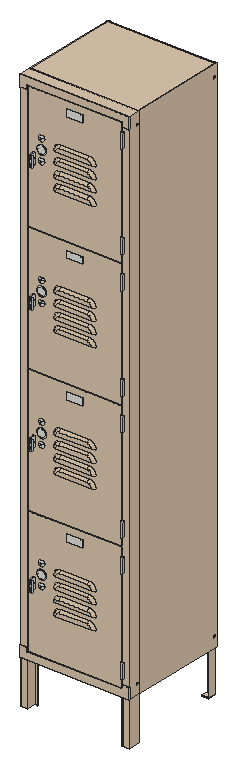
Revit family "Metal_Lockers-Salsbury_Industries-54000_Series-1_Wide_Units", category Specialty Equipment, Revit 2016 (continued)
Definition of nested family "Metal Locker Front Filler"
  Types (9): name | Width | Visible | Model | Height | Description | Depth
    77859 - for 5' H Lockers (Zee Base or No Legs) | 9.000" | yes | "77859" | 60.000" | "9\" W Vertical Front Filler for 5' H Lockers" | 1.000"
    77855 - for 5' H Lockers (Zee Base or No Legs) | 15.000" | yes | "77855" | 60.000" | "15\" W Vertical Front Filler for 5' H Lockers" | 1.000"
  Reference planes (in)
    plane 1 "Center (Front/Back)": y = -2.167
    plane 2: z = 0
    plane 3 "Center (Left/Right)": x = -4.595
    plane 4 "Bottom of Filler": z = 0
    plane 5 "Top of Panel": z = 72
    plane 6 "Front of Filler": y = -2.917
    plane 7 "Right Side of Filler": x = -0.095
    plane 8 "Left Side of Filler": x = -9.095
    plane 9 "Back of Filler": y = -1.417
    plane 10: z = 36
  Forms (in)
    Extrusion 1, solid, material <- "Primary Structure Material", visible <- "Visible"
      sketch origin (0, 0, 0) x (0, -1, 0) y (1, 0, 0)
        loop
          line (1.417, -9.095) -> (2.917, -9.095) -> (2.917, -1.095) -> (2.869, -1.095) -> (2.869, -9.047) -> (1.417, -9.047) -> (1.417, -9.095)
      from 0 to 72
    Extrusion 2, solid, material <- "Primary Structure Material", visible <- "Visible"
      sketch origin (0, -0.20425, 0) x (0, -1, 0) y (1, 0, 0)
        loop
          line (1.30875, -0.095) -> (1.30875, -0.143) -> (2.76075, -0.143) -> (2.76075, -1.595) -> (2.80875, -1.595) -> (2.80875, -0.095) -> (1.30875, -0.095)
      from 0 to 72
    Extrusion 3, solid, material <- "Primary Structure Material", visible <- "Visible"
      sketch origin (0, 0.10825, 0) x (0, -1, 0) y (1, 0, 0)
        loop
          line (3.07325, -1.595) -> (3.07325, -0.82524) -> (3.02525, -0.82524) -> (3.02525, -1.376) -> (3.02525, -1.449) -> (3.02525, -1.522) -> (3.02525, -1.595) -> (3.07325, -1.595)
      from 0 to 72
    Extrusion 4, solid, material <- "Primary Structure Material", visible <- "Visible"
      sketch origin (0, 0, 0) x (0, -1, 0) y (1, 0, 0)
        loop
          line (2.917, -0.82524) -> (2.821, -0.82524) -> (2.821, -1.80024) -> (2.869, -1.80024) -> (2.869, -0.87324) -> (2.917, -0.87324) -> (2.917, -0.82524)
      from 0 to 72
  Dimensions and locks (in)
    equal spacing: plane 6 "Front of Filler", plane 1 "Center (Front/Back)", plane 9 "Back of Filler"
    "Depth": plane 6 "Front of Filler" to plane 9 "Back of Filler"
    equal spacing: plane 8 "Left Side of Filler", plane 3 "Center (Left/Right)", plane 7 "Right Side of Filler"
    "Width": plane 8 "Left Side of Filler" to plane 7 "Right Side of Filler"
    equal spacing: plane 5 "Top of Panel", plane 10, plane 2
    "Height": plane 5 "Top of Panel" to plane 2
    aligned and locked: level to plane 2
    aligned and locked: Extrusion 1 to plane 5 "Top of Panel"
    aligned and locked: Extrusion 2 to plane 5 "Top of Panel"
    aligned and locked: Extrusion 3 to plane 5 "Top of Panel"
    aligned and locked: Extrusion 4 to plane 5 "Top of Panel"
  Automatic sketch dimensions
    plane 9 "Back of Filler" to Extrusion 1 sketch curve = 0.000"
    plane 6 "Front of Filler" to Extrusion 1 sketch curve = 0.000"
    Extrusion 1 sketch curve to plane 8 "Left Side of Filler" = 0.000"
    Extrusion 1 sketch curve to plane 6 "Front of Filler" = 0.048"
    Extrusion 1 sketch curve to Extrusion 1 sketch curve = 0.048"
    plane 7 "Right Side of Filler" to Extrusion 1 sketch curve = 1.000"
    Extrusion 2 sketch curve to plane 7 "Right Side of Filler" = 0.000"
    plane 7 "Right Side of Filler" to Extrusion 2 sketch curve = 0.048"
    plane 9 "Back of Filler" to Extrusion 2 sketch curve = 0.096"
    plane 6 "Front of Filler" to Extrusion 2 sketch curve = 0.048"
    Extrusion 2 sketch curve to Extrusion 2 sketch curve = 0.048"
    Extrusion 2 sketch curve to Extrusion 2 sketch curve = 1.452"
    plane 6 "Front of Filler" to Extrusion 3 sketch curve = 0.000"
    plane 7 "Right Side of Filler" to Extrusion 3 sketch curve = 1.500"
    Extrusion 3 sketch curve to Extrusion 3 sketch curve = 0.073"  (x3)
    Extrusion 3 sketch curve to Extrusion 3 sketch curve = 0.55076"
    Extrusion 3 sketch curve to Extrusion 3 sketch curve = 0.048"
    plane 6 "Front of Filler" to Extrusion 4 sketch curve = 0.000"
    Extrusion 4 sketch curve to plane 6 "Front of Filler" = 0.048"
    Extrusion 4 sketch curve to Extrusion 4 sketch curve = 0.048"  (x2)
    plane 7 "Right Side of Filler" to Extrusion 4 sketch curve = 1.70524"
    plane 7 "Right Side of Filler" to Extrusion 4 sketch curve = 0.77824"
Definition of nested family "Metal Locker Flat Top Filler"
  Parameters (values of type "77842 - for 12" Deep Lockers (15" W)")
    Width = 16.250"
    Visible = yes
    Version = "1.0 (11/30/15)"
    Type Comments = "Flat Top Filler for Standard Metal Lockers"
    Primary Structure Material = none
    Model = "77842"
    MasterFormat Title = ""
    MasterFormat Number = ""
    Manufacturer = "Salsbury Industries"
    Height = 1.003"
    Description = "15\"W Flat Top In-Line Filler"
    Depth = 12.118"
    Assembly Code = ""
  Types (7): name | Width | Visible | Model | Depth
    77842 - for 12" Deep Lockers (15" W) | 16.250" | yes | "77842" | 12.118"
    77842 - for 12" Deep Lockers (9" W) | 10.250" | yes | "77842" | 12.118"
    77845 - for 15" Deep Lockers (15" W) | 16.250" | yes | "77845" | 15.118"
    77845 - for 15" Deep Lockers (9" W) | 10.250" | yes | "77845" | 15.118"
    77848 - for 18" Deep Lockers (15" W) | 16.250" | yes | "77848" | 18.118"
    77848 - for 18" Deep Lockers (9" W) | 10.250" | yes | "77848" | 18.118"
    None | 16.250" | no | "" | 12.118"
  Reference planes (in)
    plane 1 "Center (Front/Back)": y = -2.167
    plane 2: z = 0
    plane 3 "Center (Left/Right)": x = -4.595
    plane 4 "Bottom of Panel": z = 0
    plane 5 "Top of Panel": z = 1.003
    plane 6 "Front of Panel": y = -8.226
    plane 7 "Right Side of Enclosure": x = 3.53
    plane 8 "Left Side of Enclosure": x = -12.72
    plane 9 "Back of Panel": y = 3.892
    plane 10: z = 0.5015
  Forms (in)
    Extrusion 1, solid, material <- "Primary Structure Material", visible <- "Visible"
      sketch origin (-4.595, 0, 0) x (0, 1, 0) y (0, 0, 1)
        loop
          line (-8.226, 0) -> (-8.178, 0) -> (-8.178, 0.955) -> (3.892, 0.955) -> (3.892, 1.003) -> (-8.226, 1.003) -> (-8.226, 0)
      from -8.125 to 8.125
  Dimensions and locks (in)
    equal spacing: plane 6 "Front of Panel", plane 1 "Center (Front/Back)", plane 9 "Back of Panel"
    "Depth": plane 6 "Front of Panel" to plane 9 "Back of Panel"
    equal spacing: plane 8 "Left Side of Enclosure", plane 3 "Center (Left/Right)", plane 7 "Right Side of Enclosure"
    "Width": plane 8 "Left Side of Enclosure" to plane 7 "Right Side of Enclosure"
    equal spacing: plane 5 "Top of Panel", plane 10, plane 2
    "Height": plane 5 "Top of Panel" to plane 2
    aligned and locked: level to plane 2
    aligned and locked: Extrusion 1 to plane 7 "Right Side of Enclosure"
    aligned and locked: plane 8 "Left Side of Enclosure" to Extrusion 1
    aligned and locked: plane 6 "Front of Panel" to Extrusion 1
    aligned and locked: Extrusion 1 to plane 9 "Back of Panel"
  Automatic sketch dimensions
    plane 5 "Top of Panel" to Extrusion 1 sketch curve = 0.000"
    Extrusion 1 sketch curve to plane 6 "Front of Panel" = 0.000"
    Extrusion 1 sketch curve to level = 0.000"
    Extrusion 1 sketch curve to plane 9 "Back of Panel" = 0.000"
    Extrusion 1 sketch curve to plane 6 "Front of Panel" = 0.048"
    plane 5 "Top of Panel" to Extrusion 1 sketch curve = 0.048"
Definition of nested family "Metal Locker Flat Corner Filler"
  Parameters (values of type "77832 - for 12" Deep Lockers")
    Width = 12.625"
    Visible = yes
    Version = "1.0 (11/30/15)"
    Type Comments = "Flat Top Corner Filler for Standard Metal Lockers"
    Primary Structure Material = none
    Model = "77832"
    MasterFormat Title = ""
    MasterFormat Number = ""
    Manufacturer = "Salsbury Industries"
    Height = 0.048"
    Description = "12\"W Flat Top Corner Filler"
    Depth = 12.625"
    Assembly Code = ""
  Types (4): name | Width | Visible | Model | Description | Depth
    77832 - for 12" Deep Lockers | 12.625" | yes | "77832" | "12\"W Flat Top Corner Filler" | 12.625"
    77835 - for 15" Deep Lockers | 15.625" | yes | "77835" | "15\"W Flat Top Corner Filler" | 15.625"
    77838 - for 18" Deep Lockers | 18.625" | yes | "77838" | "18\"W Flat Top Corner Filler" | 18.625"
    None | 12.625" | no | "" | "" | 12.625"
  Reference planes (in)
    plane 1 "Center (Front/Back)": y = -2.167
    plane 2: z = 0
    plane 3 "Center (Left/Right)": x = -4.595
    plane 4 "Bottom of Panel": z = 0
    plane 5 "Top of Panel": z = 0.048
    plane 6 "Front of Panel": y = -8.4795
    plane 7 "Right Side of Enclosure": x = 1.7175
    plane 8 "Left Side of Enclosure": x = -10.9075
    plane 9 "Back of Panel": y = 4.1455
    plane 10: z = 0.024
  Forms (in)
    Extrusion 1, solid, material <- "Primary Structure Material", visible <- "Visible"
      sketch origin (0, 0, 0) x (0, -1, 0) y (1, 0, 0)
        loop
          line (7.8545, -10.9075) -> (7.8545, -10.2825) -> (8.4795, -10.2825) -> (8.4795, 1.7175) -> (-4.1455, 1.7175) -> (-4.1455, -10.9075) -> (7.8545, -10.9075)
      from 0 to 0.048
  Dimensions and locks (in)
    equal spacing: plane 6 "Front of Panel", plane 1 "Center (Front/Back)", plane 9 "Back of Panel"
    "Depth": plane 6 "Front of Panel" to plane 9 "Back of Panel"
    equal spacing: plane 8 "Left Side of Enclosure", plane 3 "Center (Left/Right)", plane 7 "Right Side of Enclosure"
    "Width": plane 8 "Left Side of Enclosure" to plane 7 "Right Side of Enclosure"
    equal spacing: plane 5 "Top of Panel", plane 10, plane 2
    "Height": plane 5 "Top of Panel" to plane 2
    aligned and locked: level to plane 2
    aligned and locked: Extrusion 1 to plane 9 "Back of Panel"
    aligned and locked: plane 6 "Front of Panel" to Extrusion 1
    aligned and locked: Extrusion 1 to plane 7 "Right Side of Enclosure"
    aligned and locked: plane 8 "Left Side of Enclosure" to Extrusion 1
  Automatic sketch dimensions
    Extrusion 1 sketch curve to plane 8 "Left Side of Enclosure" = 0.000"
    plane 9 "Back of Panel" to Extrusion 1 sketch curve = 0.000"
    plane 6 "Front of Panel" to Extrusion 1 sketch curve = 0.000"
    Extrusion 1 sketch curve to plane 7 "Right Side of Enclosure" = 0.000"
    Extrusion 1 sketch curve to plane 8 "Left Side of Enclosure" = 0.625"
    Extrusion 1 sketch curve to plane 6 "Front of Panel" = 0.625"
Definition of nested family "Metal Locker Sloping Hood"
  Parameters (values of type "77765 - for 15" Deep Lockers (1 Wide)")
    Width = 15.040"
    Visible = yes
    Version = "1.0 (11/30/15)"
    Type Comments = "Sloping Hood for Standard Metal Lockers"
    Slope Angle = 29.946°
    Primary Structure Material = none
    Model = "77752"
    MasterFormat Title = ""
    MasterFormat Number = ""
    Manufacturer = "Salsbury Industries"
    Height = 6.625"
    Dividing Lines = no
    Description = "12\" Deep for up to (3) 12\" Wide Lockers"
    Depth = 15.070"
    Assembly Code = ""
  Types (12): name | Width | Visible | Slope Angle | Model | Height | Dividing Lines | Description | Depth
    77752 - for 12" Deep Lockers (1 Wide) | 12.040" | yes | 28.761° | "77752" | 6.625" | no | "12\" Deep for up to (3) 12\" Wide Lockers" | 12.070"
    77752 - for 12" Deep Lockers (3 Wide) | 36.040" | yes | 28.761° | "77752" | 6.625" | yes | "12\" Deep for up to (3) 12\" Wide Lockers" | 12.070"
    77755 - for 15" Deep Lockers (1 Wide) | 12.040" | yes | 29.946° | "77755" | 8.682" | no | "15\" Deep for up to (3) 12\" Wide Lockers" | 15.070"
    77755 - for 15" Deep Lockers (3 Wide) | 36.040" | yes | 29.946° | "77755" | 8.628" | yes | "15\" Deep for up to (3) 12\" Wide Lockers" | 15.070"
    77758 - for 18" Deep Lockers (1 Wide) | 12.040" | yes | 30.723° | "77758" | 10.739" | no | "18\" Deep for up to (3) 12\" Wide Lockers" | 18.070"
    77758 - for 18" Deep Lockers (3 Wide) | 36.040" | yes | 30.723° | "77758" | 10.739" | yes | "18\" Deep for up to (3) 12\" Wide Lockers" | 18.070"
    None | 12.000" | no | 28.761° | "" | 6.625" | no | "" | 12.070"
    77765 - for 15" Deep Lockers (1 Wide) | 15.040" | yes | 29.946° | "77752" | 6.625" | no | "12\" Deep for up to (3) 12\" Wide Lockers" | 15.070"
    77768 - for 18" Deep Lockers (1 Wide) | 15.040" | yes | 30.723° | "77752" | 6.625" | no | "12\" Deep for up to (3) 12\" Wide Lockers" | 18.070"
    77765 - for 15" Deep Lockers (3 Wide) | 45.040" | yes | 29.946° | "77752" | 6.625" | yes | "12\" Deep for up to (3) 12\" Wide Lockers" | 15.070"
    77768 - for 18" Deep Lockers (3 Wide) | 45.040" | yes | 30.723° | "77752" | 6.625" | yes | "12\" Deep for up to (3) 12\" Wide Lockers" | 18.070"
    77759 - for 18" Deep Bridge Lockers | 72.040" | yes | 30.723° | "77752" | 6.625" | no | "12\" Deep for up to (3) 12\" Wide Lockers" | 18.070"
  Reference planes (in)
    plane 1 "Center (Front/Back)": y = -2.167
    plane 2: z = 0
    plane 3 "Center (Left/Right)": x = -4.595
    plane 4 "Bottom of Panel": z = 0
    plane 5 "Top of Panel": z = 6.625
    plane 6 "Front of Panel": y = -9.702
    plane 7 "Right Side of Enclosure": x = 2.925
    plane 8 "Left Side of Enclosure": x = -12.115
    plane 9 "Back of Panel": y = 5.368
    plane 10: z = 3.3125
    plane 11: through (0, -8.18107, 0.8762) normal (0, -0.4992, 0.8665)
    plane 12: through (0, -8.30682, 0.76798) normal (0, -0.4992, 0.8665)
    plane 13: y = 5.337
    plane 14: y = 5.306
    plane 15: y = 5.275
    plane 16: y = 4.87433
    plane 17 "Divider 1": x = -7.10167
    plane 18 "Divider 2": x = -2.08833
  Forms (in)
    Extrusion 1, solid, material <- "Primary Structure Material", visible <- "Visible"
      sketch origin (2.925, 0, 0) x (0, 0, -1) y (0, -1, 0)
        loop
          line (-8.68174, -5.368) -> (0, -5.368) -> (0, 9.702) -> (-8.68174, -5.368)
      from 0 to 0.031
    Extrusion 2, solid, material <- "Primary Structure Material", visible <- "Visible"
      sketch origin (2.925, 0, 0) x (0, 0, -1) y (0, -1, 0)
        loop
          line (0, -5.368) -> (0, -5.337) -> (-8.66388, -5.337) -> (-8.68174, -5.368) -> (0, -5.368)
      from 0.03098 to 0.40598
    Extrusion 3, solid, material <- "Primary Structure Material", visible <- "Visible"
      sketch origin (2.925, 0, 0) x (0, 0, -1) y (0, -1, 0)
        loop
          line (0, -5.337) -> (0, 9.6399) -> (-0.031, 9.58609) -> (-0.031, -5.337) -> (0, -5.337)
      from 0.031 to 0.80198
    Extrusion 4, solid, material <- "Primary Structure Material", visible <- "Visible"
      sketch origin (-12.115, 0, 0) x (0, 0, -1) y (0, -1, 0)
        loop
          line (-8.68174, -5.368) -> (0, -5.368) -> (0, 9.702) -> (-8.68174, -5.368)
      from 0 to -0.031
    Extrusion 5, solid, material <- "Primary Structure Material", visible <- "Visible"
      sketch origin (-12.115, 0, 0) x (0, 0, -1) y (0, -1, 0)
        loop
          line (0, -5.368) -> (0, -5.337) -> (-8.66388, -5.337) -> (-8.68174, -5.368) -> (0, -5.368)
      from -0.031 to -0.406
    Extrusion 6, solid, material <- "Primary Structure Material", visible <- "Visible"
      sketch origin (-12.115, 0, 0) x (0, 0, -1) y (0, -1, 0)
        loop
          line (0, -5.337) -> (0, 9.6399) -> (-0.031, 9.58609) -> (-0.031, -5.337) -> (0, -5.337)
      from -0.031 to -0.802
    Extrusion 7, solid, material <- "Primary Structure Material", visible <- "Visible"
      sketch origin (-4.595, 0, 0) x (0, 1, 0) y (0, 0, 1)
        loop
          line (5.337, 8.66388) -> (-9.702, 0) -> (-9.34738, 0) -> (-9.34738, 0.031) -> (-9.58609, 0.031) -> (5.306, 8.61025) -> (5.306, 8.27289) -> (5.337, 8.27289) -> (5.337, 8.66388)
      from -7.489 to 7.489
    Extrusion 8, solid, material <- "Primary Structure Material", visible <- "Visible"
      sketch origin (-4.595, -0.031, 0) x (0, 1, 0) y (0, 0, 1)
        loop
          line (5.337, 0.031) -> (5.337, 8.61025) -> (5.306, 8.59239) -> (5.306, 0.031) -> (5.337, 0.031)
      from -7.489 to 7.489
    Extrusion 9, solid, material <- "Primary Structure Material", visible <- "Visible"
      sketch origin (0, -0.031, 0) x (0, -1, 0) y (1, 0, 0)
        loop
          line (-5.306, -11.25653) -> (-4.90533, -11.25653) -> (-4.90533, 2.06919) -> (-5.306, 2.06919) -> (-5.306, -11.25653)
      from 0.031 to 0.06464
  Lines and regions (in)
    model lines, visible <- "Dividing Lines"
      curve 1: line (-7.10167, -9.71397, -0.0069) -> (-7.10167, 5.368, 8.68174)
      curve 2: line (-2.08833, -9.71397, -0.0069) -> (-2.08833, 5.368, 8.68174)
  Dimensions and locks (in)
    equal spacing: plane 6 "Front of Panel", plane 1 "Center (Front/Back)", plane 9 "Back of Panel"
    "Depth": plane 6 "Front of Panel" to plane 9 "Back of Panel"
    equal spacing: plane 8 "Left Side of Enclosure", plane 17 "Divider 1", plane 18 "Divider 2", plane 7 "Right Side of Enclosure"
    "Width": plane 8 "Left Side of Enclosure" to plane 7 "Right Side of Enclosure"
    equal spacing: plane 5 "Top of Panel", plane 10, plane 2
    "Height": plane 5 "Top of Panel" to plane 2
    locked: plane 11 to plane 12 at 0.031
    plane 16 to plane 15 to plane 14 to plane 13 to plane 9 "Back of Panel" = 0.40067", 0.031", 0.031", 0.031"
    equal spacing: plane 8 "Left Side of Enclosure", plane 3 "Center (Left/Right)", plane 7 "Right Side of Enclosure"
    "Slope Angle": angle plane 4 "Bottom of Panel" to plane 11
    aligned and locked: level to plane 2
    aligned and locked: Extrusion 1 to plane 9 "Back of Panel"
    aligned and locked: plane 4 "Bottom of Panel" to Extrusion 1
    aligned and locked: Extrusion 7 to Extrusion 1
    aligned and locked: Extrusion 7 to Extrusion 4
    aligned and locked: Extrusion 7 to Extrusion 8  (x2)
    aligned and locked: plane 11 to Extrusion 7 sketch curve
    aligned and locked: plane 12 to Extrusion 7 sketch curve
    aligned and locked: plane 12 to Extrusion 8 sketch curve
    aligned and locked: Extrusion 4 sketch curve to plane 11
    aligned and locked: Extrusion 1 sketch curve to plane 11
    aligned and locked: Extrusion 3 sketch curve to plane 12
    aligned and locked: Extrusion 6 sketch curve to plane 12
    aligned and locked: plane 13 to Extrusion 7
    aligned and locked: plane 14 to Extrusion 8
    aligned and locked: plane 15 to Extrusion 8
    aligned and locked: plane 16 to Extrusion 9
    aligned and locked: plane 13 to Extrusion 7 sketch curve
    aligned and locked: Extrusion 7 sketch curve to plane 14
    aligned and locked: plane 13 to Extrusion 2 sketch curve
    aligned and locked: plane 11 to Extrusion 2 sketch curve
    aligned and locked: plane 13 to Extrusion 5 sketch curve
    aligned and locked: plane 11 to Extrusion 5 sketch curve
    aligned and locked: curve 2 to plane 18 "Divider 2"
    aligned and locked: curve 1 to plane 17 "Divider 1"
  Automatic sketch dimensions
    Extrusion 7 sketch curve to level = 0.000"
    level to Extrusion 7 sketch curve = 0.031"
    Extrusion 7 sketch curve to Extrusion 7 sketch curve = 0.23871"
    Extrusion 7 sketch curve to Extrusion 7 sketch curve = 0.33736"
    Extrusion 1 sketch curve to plane 9 "Back of Panel" = 0.000"
    Extrusion 1 sketch curve to level = 0.000"
    Extrusion 2 sketch curve to plane 9 "Back of Panel" = 0.000"
    Extrusion 2 sketch curve to level = 0.000"
    Extrusion 3 sketch curve to plane 13 = 0.000"
    Extrusion 3 sketch curve to level = 0.000"
    level to Extrusion 3 sketch curve = 0.031"
    Extrusion 4 sketch curve to plane 9 "Back of Panel" = 0.000"
    Extrusion 4 sketch curve to level = 0.000"
    Extrusion 5 sketch curve to plane 9 "Back of Panel" = 0.000"
    Extrusion 5 sketch curve to level = 0.000"
    Extrusion 6 sketch curve to plane 13 = 0.000"
    Extrusion 6 sketch curve to level = 0.000"
    Extrusion 6 sketch curve to Extrusion 6 sketch curve = 0.031"
    Extrusion 8 sketch curve to plane 15 = 0.000"
    Extrusion 8 sketch curve to plane 14 = 0.000"
    level to Extrusion 8 sketch curve = 0.031"
    plane 15 to Extrusion 9 sketch curve = 0.000"
    plane 16 to Extrusion 9 sketch curve = 0.000"
    Extrusion 9 sketch curve to plane 8 "Left Side of Enclosure" = 0.85847"
    plane 7 "Right Side of Enclosure" to Extrusion 9 sketch curve = 0.85581"
    curve 1 to plane 9 "Back of Panel" = 0.000"
    plane 11 to curve 1 = 0.000"
    curve 1 to plane 11 = 0.000"
    curve 1 to level = 0.0069"
    curve 2 to plane 9 "Back of Panel" = 0.000"
    plane 11 to curve 2 = 0.000"
    curve 2 to plane 11 = 0.000"
    curve 2 to level = 0.0069"
Definition of nested family "Metal Locker Sloping Top Filler"
  Parameters (values of type "77882 - for 12" Deep Lockers (15" W)")
    Width = 16.250"
    Visible = yes
    Version = "1.0 (11/30/15)"
    Type Comments = "Sloping Hood In-Line Filler for Standard Metal Lockers"
    Slope Angle = 28.761°
    Primary Structure Material = none
    Model = "77882"
    MasterFormat Title = ""
    MasterFormat Number = ""
    Manufacturer = "Salsbury Industries"
    Height = 1.003"
    Description = "15\"W Sloping Hood In-Line Filler"
    Depth = 12.118"
    Assembly Code = ""
  Types (7): name | Width | Visible | Type Comments | Slope Angle | Model | Description | Depth
    77882 - for 12" Deep Lockers (15" W) | 16.250" | yes | "Sloping Hood In-Line Filler for Standard Metal Lockers" | 28.761° | "77882" | "15\"W Sloping Hood In-Line Filler" | 12.118"
    77882 - for 12" Deep Lockers (9" W) | 10.250" | yes | "Sloping Hood In-Line Filler for Standard Metal Lockers" | 28.761° | "77882" | "15\"W Sloping Hood In-Line Filler" | 12.118"
    77885 - for 15" Deep Lockers (15" W) | 16.250" | yes | "Sloping Hood In-Line Filler for Standard Metal Lockers" | 29.946° | "77885" | "15\"W Sloping Hood In-Line Filler" | 15.118"
    77885 - for 15" Deep Lockers (9" W) | 10.250" | yes | "Sloping Hood In-Line Filler for Standard Metal Lockers" | 29.946° | "77885" | "15\"W Sloping Hood In-Line Filler" | 15.118"
    77888 - for 18" Deep Lockers (15" W) | 16.250" | yes | "Sloping Hood In-Line Filler for Standard Metal Lockers" | 30.723° | "77888" | "15\"W Sloping Hood In-Line Filler" | 18.118"
    77888 - for 18" Deep Lockers (9" W) | 10.250" | yes | "Sloping Hood In-Line Filler for Standard Metal Lockers" | 30.723° | "77888" | "15\"W Sloping Hood In-Line Filler" | 18.118"
    None | 16.250" | no | "Sloping Hood for Standard Metal Lockers" | 28.761° | "" | "" | 12.118"
  Reference planes (in)
    plane 1 "Center (Front/Back)": y = -2.167
    plane 2: z = 0
    plane 3 "Center (Left/Right)": x = -4.595
    plane 4 "Bottom of Panel": z = 0
    plane 5 "Top of Panel": z = 1.003
    plane 6 "Front of Panel": y = -8.226
    plane 7 "Right Side of Enclosure": x = 3.53
    plane 8 "Left Side of Enclosure": x = -12.72
    plane 9 "Back of Panel": y = 3.892
    plane 10: z = 0.5015
    plane 11: through (0, -7.6072, 0.33964) normal (0, -0.4812, 0.8766)
    plane 12: through (0, -7.72698, 0.21914) normal (0, -0.4812, 0.8766)
  Forms (in)
    Extrusion 1, solid, material <- "Primary Structure Material", visible <- "Visible"
      sketch origin (-4.595, 0, 0) x (0, 1, 0) y (0, 0, 1)
        loop
          line (3.892, 6.65119) -> (-8.226, 0) -> (-8.226, -1.028) -> (-8.178, -1.028) -> (-8.178, -0.02841) -> (3.892, 6.59643) -> (3.892, 6.65119)
      from -8.125 to 8.125
  Dimensions and locks (in)
    equal spacing: plane 6 "Front of Panel", plane 1 "Center (Front/Back)", plane 9 "Back of Panel"
    "Depth": plane 6 "Front of Panel" to plane 9 "Back of Panel"
    equal spacing: plane 8 "Left Side of Enclosure", plane 3 "Center (Left/Right)", plane 7 "Right Side of Enclosure"
    "Width": plane 8 "Left Side of Enclosure" to plane 7 "Right Side of Enclosure"
    equal spacing: plane 5 "Top of Panel", plane 10, plane 2
    "Height": plane 5 "Top of Panel" to plane 2
    locked: plane 11 to plane 12 at 0.048
    "Slope Angle": angle plane 4 "Bottom of Panel" to plane 11
    aligned and locked: level to plane 2
    aligned and locked: plane 11 to Extrusion 1 sketch curve
    aligned and locked: plane 12 to Extrusion 1 sketch curve
    aligned and locked: Extrusion 1 to plane 7 "Right Side of Enclosure"
    aligned and locked: plane 8 "Left Side of Enclosure" to Extrusion 1
  Automatic sketch dimensions
    Extrusion 1 sketch curve to plane 6 "Front of Panel" = 0.000"
    Extrusion 1 sketch curve to Extrusion 1 sketch curve = 0.99959"
    Extrusion 1 sketch curve to level = 0.02841"
    Extrusion 1 sketch curve to plane 9 "Back of Panel" = 0.000"
Definition of nested family "Metal Locker Sloping Corner Filler"
  Parameters (values of type "77872 - for 12" Deep Lockers")
    Width = 12.695"
    Visible = yes
    Version = "1.0 (11/30/15)"
    Type Comments = "Sloping Hood Corner Filler for Standard Metal Lockers"
    Slope Angle 2 = 28.761°
    Slope Angle 1 = 28.761°
    Primary Structure Material = none
    Model = "77872"
    MasterFormat Title = ""
    MasterFormat Number = ""
    Manufacturer = "Salsbury Industries"
    Height = 6.87897"
    Description = "12\"D Sloping Hood Corner Filler"
    Depth = 12.695"
    Assembly Code = ""
  Types (4): name | Width | Visible | Slope Angle 2 | Slope Angle 1 | Model | Description | Depth
    77872 - for 12" Deep Lockers | 12.695" | yes | 28.761° | 28.761° | "77872" | "12\"D Sloping Hood Corner Filler" | 12.695"
    77875 - for 15" Deep Lockers | 15.695" | yes | 29.946° | 29.946° | "77875" | "15\"D Sloping Hood Corner Filler" | 15.695"
    77878 - for 18" Deep Lockers | 18.695" | yes | 30.723° | 30.723° | "77878" | "18\"D Sloping Hood Corner Filler" | 18.695"
    None | 12.695" | no | 28.723° | 28.723° | "" | "" | 12.695"
  Reference planes (in)
    plane 1 "Center (Front/Back)": y = -2.167
    plane 2: z = 0
    plane 3 "Center (Left/Right)": x = -4.595
    plane 4 "Bottom of Panel": z = 0
    plane 5 "Top of Panel": z = 6.87897
    plane 6 "Front of Panel": y = -8.5145
    plane 7 "Right Side of Enclosure": x = 1.7525
    plane 8 "Left Side of Enclosure": x = -10.9425
    plane 9 "Back of Panel": y = 4.1805
    plane 10 "Center Top/Bottom": z = 3.43948
    plane 11 "Slope 1": through (0, -7.42276, 0.59922) normal (0, -0.4812, 0.8766)
    plane 12: through (0, -7.54254, 0.47872) normal (0, -0.4812, 0.8766)
    plane 13 "Diagonal Plane": through (-10.86131, 4.09969, 48) normal (0.7071, 0.7071, 0)
    plane 14 "Cutout Plane 1": y = -7.8895
    plane 15 "Cutout Plane 2": x = 1.1275
    plane 16 "Slope 2": through (1.43902, -180, 0.17206) normal (-0.4812, 0, -0.8766)
    plane 17: through (5.04554, -180, -1.86199) normal (-0.4812, 0, -0.8766)
  Forms (in)
    Extrusion 1, solid, material <- "Primary Structure Material", visible <- "Visible"
      sketch origin (-4.595, 0, 0) x (0, 1, 0) y (0, 0, 1)
        loop
          line (-7.8895, 0.28829) -> (4.1805, 6.91313) -> (4.1805, 6.96789) -> (-7.8895, 0.34304) -> (-7.8895, 0.28829)
      from -6.3475 to 6.3475
    Extrusion 2, void
      sketch origin (0, 0, 3.43948) x (1, 0, 0) y (0, 1, 0)
        loop
          line (1.75288, -8.5145) -> (-10.9425, 4.18088) -> (-10.9425, -8.5145) -> (1.75288, -8.5145)
      from -3.43948 to 8.2673
    Extrusion 3, solid, material <- "Primary Structure Material", visible <- "Visible"
      sketch origin (0, -2.167, 0) x (1, 0, 0) y (0, 0, 1)
        loop
          line (1.1275, 0.2885) -> (1.1275, 0.34304) -> (-10.9425, 6.96789) -> (-10.9425, 6.91334) -> (1.1275, 0.2885)
      from -6.3475 to 6.3475
    Extrusion 4, void
      sketch origin (-4.595, 0, 0) x (0, 1, 0) y (0, 0, 1)
        loop
          line (4.1805, 0) -> (4.1805, 6.91313) -> (-8.41474, 0) -> (4.1805, 0)
      from -6.3475 to 6.3475
    Extrusion 5, solid, not visible
      sketch origin (1.1275, 0, 0) x (0, -1, 0) y (0, 0, 1)
        loop
          line (8.60982, 0.2885) -> (7.8895, 0.2885) -> (7.8895, 0) -> (8.60982, 0) -> (8.60982, 0.2885)
      from -0.72026 to 0
  Cuts and joins
    Extrusion 2, Extrusion 4 cuts Extrusion 1
    Extrusion 4 cuts Extrusion 3
  Dimensions and locks (in)
    equal spacing: plane 6 "Front of Panel", plane 1 "Center (Front/Back)", plane 9 "Back of Panel"
    "Depth": plane 6 "Front of Panel" to plane 9 "Back of Panel"
    equal spacing: plane 8 "Left Side of Enclosure", plane 3 "Center (Left/Right)", plane 7 "Right Side of Enclosure"
    "Width": plane 8 "Left Side of Enclosure" to plane 7 "Right Side of Enclosure"
    equal spacing: plane 5 "Top of Panel", plane 10 "Center Top/Bottom", plane 2
    "Height": plane 5 "Top of Panel" to plane 2
    locked: plane 11 "Slope 1" to plane 12 at 0.048
    locked: plane 15 "Cutout Plane 2" to plane 7 "Right Side of Enclosure" at 0.625
    locked: plane 6 "Front of Panel" to plane 14 "Cutout Plane 1" at 0.625
    locked: plane 17 to plane 16 "Slope 2" at 0.04782
    "Slope Angle 1": angle plane 4 "Bottom of Panel" to plane 11 "Slope 1"
    "Slope Angle 2": angle plane 16 "Slope 2" to plane 4 "Bottom of Panel"
    aligned and locked: level to plane 2
    aligned and locked: Extrusion 1 sketch curve to plane 14 "Cutout Plane 1"
    aligned and locked: plane 9 "Back of Panel" to Extrusion 1 sketch curve
    aligned and locked: Extrusion 1 sketch curve to plane 11 "Slope 1"
    aligned and locked: plane 12 to Extrusion 1 sketch curve
    aligned and locked: plane 8 "Left Side of Enclosure" to Extrusion 1
    aligned and locked: Extrusion 1 to plane 7 "Right Side of Enclosure"
    aligned and locked: plane 6 "Front of Panel" to Extrusion 2 sketch curve
    aligned and locked: plane 8 "Left Side of Enclosure" to Extrusion 2 sketch curve
    aligned and locked: plane 13 "Diagonal Plane" to Extrusion 2 sketch curve
    aligned and locked: plane 4 "Bottom of Panel" to cut or joined group of Extrusion 1, Extrusion 2, Extrusion 4
    aligned and locked: Extrusion 4 sketch curve to level
    aligned and locked: Extrusion 4 sketch curve to plane 9 "Back of Panel"
    aligned and locked: plane 12 to Extrusion 4 sketch curve
    aligned and locked: Extrusion 4 to plane 7 "Right Side of Enclosure"
    aligned and locked: plane 8 "Left Side of Enclosure" to Extrusion 4
    aligned and locked: cut or joined group of Extrusion 3, Extrusion 4 to plane 15 "Cutout Plane 2"
    aligned and locked: plane 6 "Front of Panel" to cut or joined group of Extrusion 3, Extrusion 4
    aligned and locked: cut or joined group of Extrusion 3, Extrusion 4 to plane 9 "Back of Panel"
    aligned and locked: Extrusion 3 sketch curve to plane 15 "Cutout Plane 2"
    aligned and locked: Extrusion 3 sketch curve to plane 16 "Slope 2"
    aligned and locked: plane 8 "Left Side of Enclosure" to Extrusion 3 sketch curve
    aligned and locked: plane 17 to Extrusion 3 sketch curve
  Automatic sketch dimensions
    Extrusion 5 sketch curve to plane 14 "Cutout Plane 1" = 0.000"
    Extrusion 5 sketch curve to level = 0.000"
    plane 6 "Front of Panel" to Extrusion 5 sketch curve = 0.09532"
    Extrusion 5 sketch curve to Extrusion 5 sketch curve = 0.2885"
Types (7): name | Zee Base | Unit Height including Sloping Hood Only | Type Comments | Sloping Hood Height | Primary Structure Material | Unit Height including Base Only | Overall Unit Height (including Base and Sloping Hood) | Model | Description | Depth | Base Height | Standard Leg Base
  (no name) | Metal Locker Zee Base : None | 80.682" | "15\" Wide Standard Metal Locker - Four Tier" | 8.682" | Steel - Salsbury Finish = Tan | 78.000" | 86.682" | "54165" | "1 Wide - 6 Feet High - 15 Inches Deep" | 15.010" | 6.000" | Metal Locker Legs : 6" High - 15"W x 15"D
  54165 - with Standard 6" High Legs | Metal Locker Zee Base : None | 80.682" | "15\" Wide Standard Metal Locker - Four Tier" | 8.682" | Steel - Salsbury Finish = Tan | 78.000" | 86.682" | "54165" | "1 Wide - 6 Feet High - 15 Inches Deep" | 15.010" | 6.000" | Metal Locker Legs : 6" High - 15"W x 15"D
  54168 - with Standard 6" High Legs | Metal Locker Zee Base : None | 82.739" | "15\" Wide Standard Metal Locker - Four Tier" | 10.739" | Paint - Salsbury Finish - Tan | 78.000" | 88.739" | "54168" | "1 Wide - 6 Feet High - 18 Inches Deep" | 18.010" | 6.000" | Metal Locker Legs : 6" High - 15"W x 18"D
  54165 - with 77575 Zee Base and 77550 Lockers without Legs | Metal Locker Zee Base : 77575 - 15"W x 15"D | 80.682" | "15\" Wide Standard Metal Locker - Triple Tier" | 8.682" | Paint - Salsbury Finish - Tan | 76.000" | 84.682" | "54165 with 77575 and 77550" | "1 Wide - 6 Feet High - 15 Inches Deep with Zee Base and Lockers without Legs" | 15.010" | 4.000" | Metal Locker Legs : No Legs
  54168 - with 77578 Zee Base and 77550 Lockers without Legs | Metal Locker Zee Base : 77578 - 15"W x 18"D | 82.739" | "15\" Wide Standard Metal Locker - Four Tier" | 10.739" | Paint - Salsbury Finish - Tan | 76.000" | 86.739" | "54168 with 77578 and 77550" | "1 Wide - 6 Feet High - 18 Inches Deep with Zee Base and Lockers without Legs" | 18.010" | 4.000" | Metal Locker Legs : No Legs
  54165 - with 77550 Lockers without Legs | Metal Locker Zee Base : None | 80.682" | "15\" Wide Standard Metal Locker - Four Tier" | 8.682" | Paint - Salsbury Finish - Tan | 72.000" | 80.682" | "54165 with 77550" | "1 Wide - 6 Feet High - 15 Inches Deep with Lockers without Legs" | 15.010" | 0.000" | Metal Locker Legs : No Legs
  54168 - with 77550 Lockers without Legs | Metal Locker Zee Base : None | 82.739" | "15\" Wide Standard Metal Locker - Four Tier" | 10.739" | Paint - Salsbury Finish - Tan | 72.000" | 82.739" | "54168 with 77550" | "1 Wide - 6 Feet High - 18 Inches Deep with Lockers without Legs" | 18.010" | 0.000" | Metal Locker Legs : No Legs
